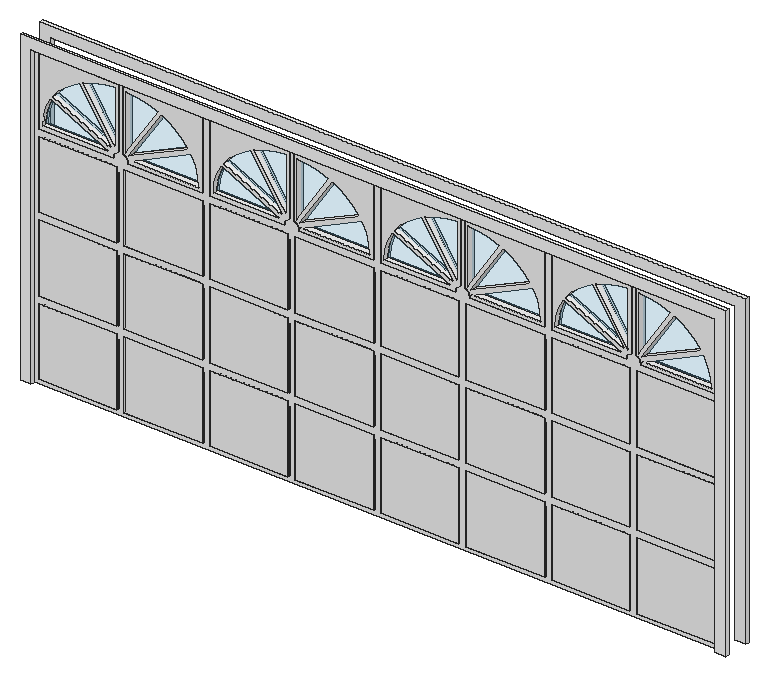
Revit family
Parameters (values of type "Overhead_Panel_Garage_Door_Contemporary_2")
  Frame Projection Ext. = 0' - 1"
  Frame Projection Int. = 0' - 1"
  Frame Width = 0' - 3"
  Height = 7' - 0"
  Wall Closure = (empty or 0)
  Width = 16' - 0"
  Assembly Code = ""
Reference planes (in)
  plane 1 "Center (Front/Back)": y = 0
  plane 2 "Center (Left/Right)": x = 0
  plane 3 "Left": x = -96
  plane 4 "Right": x = 96
  plane 5 "Top": z = 84
  plane 6: x = 48
  plane 7: x = 24
  plane 8: x = 0
  plane 9: x = -24
  plane 10: x = -48
  plane 11: x = -72
  plane 12: z = 63
  plane 13: z = 42
  plane 14: z = 21
  plane 15: z = 84
  plane 16: z = 0
  plane 17: z = 0
  plane 18: x = -96
  plane 19: x = 72
Forms (in)
  Extrusion 1, solid, material "Paint - White"
    sketch origin (-90, 3, 0) x (-1, 0, 0) y (0, 0, 1)
      loop
        line (-186, 84) -> (6, 84) -> (6, 0) -> (9, 0) -> (9, 87) -> (-189, 87) -> (-189, 0) -> (-186, 0) -> (-186, 84)
    from 0 to 1
  Extrusion 2, solid, material "JOSHUA(DEFAULT)"
    sketch origin (-90, -3, 0) x (1, 0, 0) y (0, 0, 1)
      loop
        line (-6, 0) -> (-6, 84) -> (186, 84) -> (186, 0) -> (189, 0) -> (189, 87) -> (-9, 87) -> (-9, 0) -> (-6, 0)
    from 0 to 1
  Extrusion 3, solid, material "Paint - White"
    sketch origin (0, 0, 0) x (1, 0, 0) y (0, 0, 1)
      loop
        line (96, 84) -> (-96, 84) -> (-96, 0) -> (96, 0) -> (96, 84)
      loop
        line (95, 64) -> (95, 83) -> (72.5, 83) -> (72.5, 65.93649)
        arc (72.5, 65.93649) -> (73.58114, 65.22474) -> (74, 64) r 2
        line (74, 64) -> (95, 64)
      loop
        line (49, 64) -> (70, 64)
        arc (70, 64) -> (70.41886, 65.22474) -> (71.5, 65.93649) r 2
        line (71.5, 65.93649) -> (71.5, 83) -> (49, 83) -> (49, 64)
      loop
        line (95, 62) -> (73, 62) -> (73, 43) -> (95, 43) -> (95, 62)
      loop
        line (95, 20) -> (73, 20) -> (73, 1) -> (95, 1) -> (95, 20)
      loop
        line (95, 41) -> (73, 41) -> (73, 22) -> (95, 22) -> (95, 41)
      loop
        line (71, 41) -> (49, 41) -> (49, 22) -> (71, 22) -> (71, 41)
      loop
        line (71, 20) -> (49, 20) -> (49, 1) -> (71, 1) -> (71, 20)
      loop
        line (71, 62) -> (49, 62) -> (49, 43) -> (71, 43) -> (71, 62)
      loop
        line (47, 62) -> (25, 62) -> (25, 43) -> (47, 43) -> (47, 62)
      loop
        line (47, 41) -> (25, 41) -> (25, 22) -> (47, 22) -> (47, 41)
      loop
        line (47, 20) -> (25, 20) -> (25, 1) -> (47, 1) -> (47, 20)
      loop
        line (23, 62) -> (1, 62) -> (1, 43) -> (23, 43) -> (23, 62)
      loop
        line (23, 41) -> (1, 41) -> (1, 22) -> (23, 22) -> (23, 41)
      loop
        line (23, 20) -> (1, 20) -> (1, 1) -> (23, 1) -> (23, 20)
      loop
        line (-1, 62) -> (-23, 62) -> (-23, 43) -> (-1, 43) -> (-1, 62)
      loop
        line (-25, 41) -> (-47, 41) -> (-47, 22) -> (-25, 22) -> (-25, 41)
      loop
        line (-49, 20) -> (-71, 20) -> (-71, 1) -> (-49, 1) -> (-49, 20)
      loop
        line (-49, 62) -> (-71, 62) -> (-71, 43) -> (-49, 43) -> (-49, 62)
      loop
        line (-73, 62) -> (-95, 62) -> (-95, 43) -> (-73, 43) -> (-73, 62)
      loop
        line (-73, 41) -> (-95, 41) -> (-95, 22) -> (-73, 22) -> (-73, 41)
      loop
        line (-73, 20) -> (-95, 20) -> (-95, 1) -> (-73, 1) -> (-73, 20)
      loop
        line (-49, 41) -> (-71, 41) -> (-71, 22) -> (-49, 22) -> (-49, 41)
      loop
        line (-25, 62) -> (-47, 62) -> (-47, 43) -> (-25, 43) -> (-25, 62)
      loop
        line (-1, 41) -> (-23, 41) -> (-23, 22) -> (-1, 22) -> (-1, 41)
      loop
        line (-25, 20) -> (-47, 20) -> (-47, 1) -> (-25, 1) -> (-25, 20)
      loop
        line (-23, 20) -> (-23, 1) -> (-1, 1) -> (-1, 20) -> (-23, 20)
      loop
        line (47, 64) -> (47, 83) -> (24.5, 83) -> (24.5, 65.93649)
        arc (24.5, 65.93649) -> (25.58114, 65.22474) -> (26, 64) r 2
        line (26, 64) -> (47, 64)
      loop
        line (1, 64) -> (22, 64)
        arc (22, 64) -> (22.41886, 65.22474) -> (23.5, 65.93649) r 2
        line (23.5, 65.93649) -> (23.5, 83) -> (1, 83) -> (1, 64)
      loop
        line (-1, 64) -> (-1, 83) -> (-23.5, 83) -> (-23.5, 65.93649)
        arc (-23.5, 65.93649) -> (-22.41886, 65.22474) -> (-22, 64) r 2
        line (-22, 64) -> (-1, 64)
      loop
        line (-47, 64) -> (-26, 64)
        arc (-26, 64) -> (-25.58114, 65.22474) -> (-24.5, 65.93649) r 2
        line (-24.5, 65.93649) -> (-24.5, 83) -> (-47, 83) -> (-47, 64)
      loop
        line (-49, 64) -> (-49, 83) -> (-71.5, 83) -> (-71.5, 65.93649)
        arc (-71.5, 65.93649) -> (-70.41886, 65.22474) -> (-70, 64) r 2
        line (-70, 64) -> (-49, 64)
      loop
        line (-95, 64) -> (-74, 64)
        arc (-74, 64) -> (-73.58114, 65.22474) -> (-72.5, 65.93649) r 2
        line (-72.5, 65.93649) -> (-72.5, 83) -> (-95, 83) -> (-95, 64)
    from 2.5 to 0
  Blend 4, solid, material "Paint - White"
    base sketch origin (0, 0, 0) x (1, 0, 0) y (0, 0, 1)
      loop
        line (95, 62) -> (73, 62) -> (73, 43) -> (95, 43) -> (95, 62)
    top sketch origin (0, 0, 0) x (1, 0, 0) y (0, 0, 1)
      loop
        line (94, 61) -> (74, 61) -> (74, 44) -> (94, 44) -> (94, 61)
    from 2 to 0.5
  Extrusion 5, solid, material "Paint - White"
    sketch origin (0, 0, 0) x (1, 0, 0) y (0, 0, 1)
      loop
        line (95, 62) -> (73, 62) -> (73, 43) -> (95, 43) -> (95, 62)
    from 2 to 2.5
  Blend 6, solid, material "Paint - White"
    base sketch origin (-24, 0, 0) x (1, 0, 0) y (0, 0, 1)
      loop
        line (95, 62) -> (73, 62) -> (73, 43) -> (95, 43) -> (95, 62)
    top sketch origin (-24, 0, 0) x (1, 0, 0) y (0, 0, 1)
      loop
        line (94, 61) -> (74, 61) -> (74, 44) -> (94, 44) -> (94, 61)
    from 2 to 0.5
  Extrusion 7, solid, material "Paint - White"
    sketch origin (-24, 0, 0) x (1, 0, 0) y (0, 0, 1)
      loop
        line (95, 62) -> (73, 62) -> (73, 43) -> (95, 43) -> (95, 62)
    from 2 to 2.5
  Blend 8, solid, material "Paint - White"
    base sketch origin (-48, 0, 0) x (1, 0, 0) y (0, 0, 1)
      loop
        line (95, 62) -> (73, 62) -> (73, 43) -> (95, 43) -> (95, 62)
    top sketch origin (-48, 0, 0) x (1, 0, 0) y (0, 0, 1)
      loop
        line (94, 61) -> (74, 61) -> (74, 44) -> (94, 44) -> (94, 61)
    from 2 to 0.5
  Extrusion 9, solid, material "Paint - White"
    sketch origin (-48, 0, 0) x (1, 0, 0) y (0, 0, 1)
      loop
        line (95, 62) -> (73, 62) -> (73, 43) -> (95, 43) -> (95, 62)
    from 2 to 2.5
  Blend 10, solid, material "Paint - White"
    base sketch origin (-72, 0, 0) x (1, 0, 0) y (0, 0, 1)
      loop
        line (95, 62) -> (73, 62) -> (73, 43) -> (95, 43) -> (95, 62)
    top sketch origin (-72, 0, 0) x (1, 0, 0) y (0, 0, 1)
      loop
        line (94, 61) -> (74, 61) -> (74, 44) -> (94, 44) -> (94, 61)
    from 2 to 0.5
  Extrusion 11, solid, material "Paint - White"
    sketch origin (-72, 0, 0) x (1, 0, 0) y (0, 0, 1)
      loop
        line (95, 62) -> (73, 62) -> (73, 43) -> (95, 43) -> (95, 62)
    from 2 to 2.5
  Blend 12, solid, material "Paint - White"
    base sketch origin (-96, 0, 0) x (1, 0, 0) y (0, 0, 1)
      loop
        line (95, 62) -> (73, 62) -> (73, 43) -> (95, 43) -> (95, 62)
    top sketch origin (-96, 0, 0) x (1, 0, 0) y (0, 0, 1)
      loop
        line (94, 61) -> (74, 61) -> (74, 44) -> (94, 44) -> (94, 61)
    from 2 to 0.5
  Extrusion 13, solid, material "Paint - White"
    sketch origin (-96, 0, 0) x (1, 0, 0) y (0, 0, 1)
      loop
        line (95, 62) -> (73, 62) -> (73, 43) -> (95, 43) -> (95, 62)
    from 2 to 2.5
  Blend 14, solid, material "Paint - White"
    base sketch origin (-120, 0, 0) x (1, 0, 0) y (0, 0, 1)
      loop
        line (95, 62) -> (73, 62) -> (73, 43) -> (95, 43) -> (95, 62)
    top sketch origin (-120, 0, 0) x (1, 0, 0) y (0, 0, 1)
      loop
        line (94, 61) -> (74, 61) -> (74, 44) -> (94, 44) -> (94, 61)
    from 2 to 0.5
  Extrusion 15, solid, material "Paint - White"
    sketch origin (-120, 0, 0) x (1, 0, 0) y (0, 0, 1)
      loop
        line (95, 62) -> (73, 62) -> (73, 43) -> (95, 43) -> (95, 62)
    from 2 to 2.5
  Blend 16, solid, material "Paint - White"
    base sketch origin (-144, 0, 0) x (1, 0, 0) y (0, 0, 1)
      loop
        line (95, 62) -> (73, 62) -> (73, 43) -> (95, 43) -> (95, 62)
    top sketch origin (-144, 0, 0) x (1, 0, 0) y (0, 0, 1)
      loop
        line (94, 61) -> (74, 61) -> (74, 44) -> (94, 44) -> (94, 61)
    from 2 to 0.5
  Extrusion 17, solid, material "Paint - White"
    sketch origin (-144, 0, 0) x (1, 0, 0) y (0, 0, 1)
      loop
        line (95, 62) -> (73, 62) -> (73, 43) -> (95, 43) -> (95, 62)
    from 2 to 2.5
  Blend 18, solid, material "Paint - White"
    base sketch origin (0, 0, -21) x (1, 0, 0) y (0, 0, 1)
      loop
        line (95, 62) -> (73, 62) -> (73, 43) -> (95, 43) -> (95, 62)
    top sketch origin (0, 0, -21) x (1, 0, 0) y (0, 0, 1)
      loop
        line (94, 61) -> (74, 61) -> (74, 44) -> (94, 44) -> (94, 61)
    from 2 to 0.5
  Extrusion 19, solid, material "Paint - White"
    sketch origin (0, 0, -21) x (1, 0, 0) y (0, 0, 1)
      loop
        line (95, 62) -> (73, 62) -> (73, 43) -> (95, 43) -> (95, 62)
    from 2 to 2.5
  Blend 20, solid, material "Paint - White"
    base sketch origin (0, 0, -42) x (1, 0, 0) y (0, 0, 1)
      loop
        line (95, 62) -> (73, 62) -> (73, 43) -> (95, 43) -> (95, 62)
    top sketch origin (0, 0, -42) x (1, 0, 0) y (0, 0, 1)
      loop
        line (94, 61) -> (74, 61) -> (74, 44) -> (94, 44) -> (94, 61)
    from 2 to 0.5
  Extrusion 21, solid, material "Paint - White"
    sketch origin (0, 0, -42) x (1, 0, 0) y (0, 0, 1)
      loop
        line (95, 62) -> (73, 62) -> (73, 43) -> (95, 43) -> (95, 62)
    from 2 to 2.5
  Blend 22, solid, material "Paint - White"
    base sketch origin (-24, 0, -21) x (1, 0, 0) y (0, 0, 1)
      loop
        line (95, 62) -> (73, 62) -> (73, 43) -> (95, 43) -> (95, 62)
    top sketch origin (-24, 0, -21) x (1, 0, 0) y (0, 0, 1)
      loop
        line (94, 61) -> (74, 61) -> (74, 44) -> (94, 44) -> (94, 61)
    from 2 to 0.5
  Extrusion 23, solid, material "Paint - White"
    sketch origin (-24, 0, -21) x (1, 0, 0) y (0, 0, 1)
      loop
        line (95, 62) -> (73, 62) -> (73, 43) -> (95, 43) -> (95, 62)
    from 2 to 2.5
  Blend 24, solid, material "Paint - White"
    base sketch origin (-24, 0, -42) x (1, 0, 0) y (0, 0, 1)
      loop
        line (95, 62) -> (73, 62) -> (73, 43) -> (95, 43) -> (95, 62)
    top sketch origin (-24, 0, -42) x (1, 0, 0) y (0, 0, 1)
      loop
        line (94, 61) -> (74, 61) -> (74, 44) -> (94, 44) -> (94, 61)
    from 2 to 0.5
  Extrusion 25, solid, material "Paint - White"
    sketch origin (-24, 0, -42) x (1, 0, 0) y (0, 0, 1)
      loop
        line (95, 62) -> (73, 62) -> (73, 43) -> (95, 43) -> (95, 62)
    from 2 to 2.5
  Blend 26, solid, material "Paint - White"
    base sketch origin (-48, 0, -21) x (1, 0, 0) y (0, 0, 1)
      loop
        line (95, 62) -> (73, 62) -> (73, 43) -> (95, 43) -> (95, 62)
    top sketch origin (-48, 0, -21) x (1, 0, 0) y (0, 0, 1)
      loop
        line (94, 61) -> (74, 61) -> (74, 44) -> (94, 44) -> (94, 61)
    from 2 to 0.5
  Extrusion 27, solid, material "Paint - White"
    sketch origin (-48, 0, -21) x (1, 0, 0) y (0, 0, 1)
      loop
        line (95, 62) -> (73, 62) -> (73, 43) -> (95, 43) -> (95, 62)
    from 2 to 2.5
  Blend 28, solid, material "Paint - White"
    base sketch origin (-48, 0, -42) x (1, 0, 0) y (0, 0, 1)
      loop
        line (95, 62) -> (73, 62) -> (73, 43) -> (95, 43) -> (95, 62)
    top sketch origin (-48, 0, -42) x (1, 0, 0) y (0, 0, 1)
      loop
        line (94, 61) -> (74, 61) -> (74, 44) -> (94, 44) -> (94, 61)
    from 2 to 0.5
  Extrusion 29, solid, material "Paint - White"
    sketch origin (-48, 0, -42) x (1, 0, 0) y (0, 0, 1)
      loop
        line (95, 62) -> (73, 62) -> (73, 43) -> (95, 43) -> (95, 62)
    from 2 to 2.5
  Blend 30, solid, material "Paint - White"
    base sketch origin (-72, 0, -21) x (1, 0, 0) y (0, 0, 1)
      loop
        line (95, 62) -> (73, 62) -> (73, 43) -> (95, 43) -> (95, 62)
    top sketch origin (-72, 0, -21) x (1, 0, 0) y (0, 0, 1)
      loop
        line (94, 61) -> (74, 61) -> (74, 44) -> (94, 44) -> (94, 61)
    from 2 to 0.5
  Extrusion 31, solid, material "Paint - White"
    sketch origin (-72, 0, -21) x (1, 0, 0) y (0, 0, 1)
      loop
        line (95, 62) -> (73, 62) -> (73, 43) -> (95, 43) -> (95, 62)
    from 2 to 2.5
  Blend 32, solid, material "Paint - White"
    base sketch origin (-72, 0, -42) x (1, 0, 0) y (0, 0, 1)
      loop
        line (95, 62) -> (73, 62) -> (73, 43) -> (95, 43) -> (95, 62)
    top sketch origin (-72, 0, -42) x (1, 0, 0) y (0, 0, 1)
      loop
        line (94, 61) -> (74, 61) -> (74, 44) -> (94, 44) -> (94, 61)
    from 2 to 0.5
  Extrusion 33, solid, material "Paint - White"
    sketch origin (-72, 0, -42) x (1, 0, 0) y (0, 0, 1)
      loop
        line (95, 62) -> (73, 62) -> (73, 43) -> (95, 43) -> (95, 62)
    from 2 to 2.5
  Blend 34, solid, material "Paint - White"
    base sketch origin (-96, 0, -21) x (1, 0, 0) y (0, 0, 1)
      loop
        line (95, 62) -> (73, 62) -> (73, 43) -> (95, 43) -> (95, 62)
    top sketch origin (-96, 0, -21) x (1, 0, 0) y (0, 0, 1)
      loop
        line (94, 61) -> (74, 61) -> (74, 44) -> (94, 44) -> (94, 61)
    from 2 to 0.5
  Extrusion 35, solid, material "Paint - White"
    sketch origin (-96, 0, -21) x (1, 0, 0) y (0, 0, 1)
      loop
        line (95, 62) -> (73, 62) -> (73, 43) -> (95, 43) -> (95, 62)
    from 2 to 2.5
  Blend 36, solid, material "Paint - White"
    base sketch origin (-96, 0, -42) x (1, 0, 0) y (0, 0, 1)
      loop
        line (95, 62) -> (73, 62) -> (73, 43) -> (95, 43) -> (95, 62)
    top sketch origin (-96, 0, -42) x (1, 0, 0) y (0, 0, 1)
      loop
        line (94, 61) -> (74, 61) -> (74, 44) -> (94, 44) -> (94, 61)
    from 2 to 0.5
  Extrusion 37, solid, material "Paint - White"
    sketch origin (-96, 0, -42) x (1, 0, 0) y (0, 0, 1)
      loop
        line (95, 62) -> (73, 62) -> (73, 43) -> (95, 43) -> (95, 62)
    from 2 to 2.5
  Blend 38, solid, material "Paint - White"
    base sketch origin (-120, 0, -21) x (1, 0, 0) y (0, 0, 1)
      loop
        line (95, 62) -> (73, 62) -> (73, 43) -> (95, 43) -> (95, 62)
    top sketch origin (-120, 0, -21) x (1, 0, 0) y (0, 0, 1)
      loop
        line (94, 61) -> (74, 61) -> (74, 44) -> (94, 44) -> (94, 61)
    from 2 to 0.5
  Extrusion 39, solid, material "Paint - White"
    sketch origin (-120, 0, -21) x (1, 0, 0) y (0, 0, 1)
      loop
        line (95, 62) -> (73, 62) -> (73, 43) -> (95, 43) -> (95, 62)
    from 2 to 2.5
  Blend 40, solid, material "Paint - White"
    base sketch origin (-120, 0, -42) x (1, 0, 0) y (0, 0, 1)
      loop
        line (95, 62) -> (73, 62) -> (73, 43) -> (95, 43) -> (95, 62)
    top sketch origin (-120, 0, -42) x (1, 0, 0) y (0, 0, 1)
      loop
        line (94, 61) -> (74, 61) -> (74, 44) -> (94, 44) -> (94, 61)
    from 2 to 0.5
  Extrusion 41, solid, material "Paint - White"
    sketch origin (-120, 0, -42) x (1, 0, 0) y (0, 0, 1)
      loop
        line (95, 62) -> (73, 62) -> (73, 43) -> (95, 43) -> (95, 62)
    from 2 to 2.5
  Blend 42, solid, material "Paint - White"
    base sketch origin (-144, 0, -21) x (1, 0, 0) y (0, 0, 1)
      loop
        line (95, 62) -> (73, 62) -> (73, 43) -> (95, 43) -> (95, 62)
    top sketch origin (-144, 0, -21) x (1, 0, 0) y (0, 0, 1)
      loop
        line (94, 61) -> (74, 61) -> (74, 44) -> (94, 44) -> (94, 61)
    from 2 to 0.5
  Extrusion 43, solid, material "Paint - White"
    sketch origin (-144, 0, -21) x (1, 0, 0) y (0, 0, 1)
      loop
        line (95, 62) -> (73, 62) -> (73, 43) -> (95, 43) -> (95, 62)
    from 2 to 2.5
  Blend 44, solid, material "Paint - White"
    base sketch origin (-144, 0, -42) x (1, 0, 0) y (0, 0, 1)
      loop
        line (95, 62) -> (73, 62) -> (73, 43) -> (95, 43) -> (95, 62)
    top sketch origin (-144, 0, -42) x (1, 0, 0) y (0, 0, 1)
      loop
        line (94, 61) -> (74, 61) -> (74, 44) -> (94, 44) -> (94, 61)
    from 2 to 0.5
  Extrusion 45, solid, material "Paint - White"
    sketch origin (-144, 0, -42) x (1, 0, 0) y (0, 0, 1)
      loop
        line (95, 62) -> (73, 62) -> (73, 43) -> (95, 43) -> (95, 62)
    from 2 to 2.5
  Blend 46, solid, material "Paint - White"
    base sketch origin (-168, 0, -21) x (1, 0, 0) y (0, 0, 1)
      loop
        line (95, 62) -> (73, 62) -> (73, 43) -> (95, 43) -> (95, 62)
    top sketch origin (-168, 0, -21) x (1, 0, 0) y (0, 0, 1)
      loop
        line (94, 61) -> (74, 61) -> (74, 44) -> (94, 44) -> (94, 61)
    from 2 to 0.5
  Extrusion 47, solid, material "Paint - White"
    sketch origin (-168, 0, -21) x (1, 0, 0) y (0, 0, 1)
      loop
        line (95, 62) -> (73, 62) -> (73, 43) -> (95, 43) -> (95, 62)
    from 2 to 2.5
  Blend 48, solid, material "Paint - White"
    base sketch origin (-168, 0, -42) x (1, 0, 0) y (0, 0, 1)
      loop
        line (95, 62) -> (73, 62) -> (73, 43) -> (95, 43) -> (95, 62)
    top sketch origin (-168, 0, -42) x (1, 0, 0) y (0, 0, 1)
      loop
        line (94, 61) -> (74, 61) -> (74, 44) -> (94, 44) -> (94, 61)
    from 2 to 0.5
  Extrusion 49, solid, material "Paint - White"
    sketch origin (-168, 0, -42) x (1, 0, 0) y (0, 0, 1)
      loop
        line (95, 62) -> (73, 62) -> (73, 43) -> (95, 43) -> (95, 62)
    from 2 to 2.5
  Blend 50, solid, material "Paint - White"
    base sketch origin (-168, 0, 0) x (1, 0, 0) y (0, 0, 1)
      loop
        line (95, 62) -> (73, 62) -> (73, 43) -> (95, 43) -> (95, 62)
    top sketch origin (-168, 0, 0) x (1, 0, 0) y (0, 0, 1)
      loop
        line (94, 61) -> (74, 61) -> (74, 44) -> (94, 44) -> (94, 61)
    from 2 to 0.5
  Extrusion 51, solid, material "Paint - White"
    sketch origin (-168, 0, 0) x (1, 0, 0) y (0, 0, 1)
      loop
        line (95, 62) -> (73, 62) -> (73, 43) -> (95, 43) -> (95, 62)
    from 2 to 2.5
  Extrusion 52, solid, material "Paint - White"
    sketch origin (0, 0, 0) x (1, 0, 0) y (0, 0, 1)
      loop
        line (95, 83) -> (72.5, 83) -> (72.5, 65.93649)
        arc (72.5, 65.93649) -> (73.58114, 65.22474) -> (74, 64) r 2
        line (74, 64) -> (95, 64) -> (95, 83)
      loop
        line (49, 64) -> (70, 64)
        arc (70, 64) -> (70.41886, 65.22474) -> (71.5, 65.93649) r 2
        line (71.5, 65.93649) -> (71.5, 83) -> (49, 83) -> (49, 64)
      loop
        line (73.5, 66.492) -> (82.55452, 79.91588)
        spline (82.55452, 79.91588) -> (81.8527, 80.19985) -> (81.13811, 80.4641) -> (80.41167, 80.70831) -> (79.67432, 80.93214) -> (78.92702, 81.13532) -> (78.17074, 81.31758) -> (77.40646, 81.47867) -> (76.63517, 81.6184) -> (75.85786, 81.73658) -> (75.07556, 81.83306) -> (74.28926, 81.90771) -> (73.5, 81.96044)
        line (73.5, 81.96044) -> (73.5, 66.492)
      loop
        line (74.69426, 65) -> (94, 65)
        spline (94, 65) -> (93.98373, 65.65369) -> (93.93494, 66.30641) -> (93.85371, 66.9572) -> (93.74015, 67.6051) -> (93.59444, 68.24914) -> (93.41679, 68.88837) -> (93.20746, 69.52186) -> (92.96676, 70.14865) -> (92.69505, 70.76783) -> (92.39272, 71.37848) -> (92.06024, 71.9797) -> (91.69808, 72.57059)
        line (91.69808, 72.57059) -> (74.69426, 65)
      loop
        spline (87.21975, 77.2754) -> (86.93278, 77.48408) -> (86.64101, 77.68875) -> (86.34455, 77.88936) -> (86.04349, 78.08582) -> (85.73791, 78.27809) -> (85.42794, 78.4661) -> (85.11365, 78.64979) -> (84.79516, 78.8291) -> (84.47256, 79.00397) -> (84.14596, 79.17435) -> (83.81546, 79.34018) -> (83.48117, 79.50141)
        line (83.48117, 79.50141) -> (74.32828, 65.93169) -> (91.12069, 73.40815)
        spline (91.12069, 73.40815) -> (90.8527, 73.76204) -> (90.57375, 74.11084) -> (90.28399, 74.45433) -> (89.9836, 74.79232) -> (89.67274, 75.12462) -> (89.3516, 75.45103) -> (89.02037, 75.77135) -> (88.67924, 76.08542) -> (88.32841, 76.39303) -> (87.96807, 76.69401) -> (87.59845, 76.9882) -> (87.21975, 77.2754)
      loop
        line (70.5, 66.492) -> (70.5, 81.96044)
        spline (70.5, 81.96044) -> (69.71074, 81.90771) -> (68.92444, 81.83306) -> (68.14214, 81.73658) -> (67.36483, 81.6184) -> (66.59354, 81.47867) -> (65.82926, 81.31758) -> (65.07298, 81.13532) -> (64.32568, 80.93214) -> (63.58833, 80.70831) -> (62.86189, 80.4641) -> (62.1473, 80.19985) -> (61.44548, 79.91588)
        line (61.44548, 79.91588) -> (70.5, 66.492)
      loop
        line (69.30574, 65) -> (52.30192, 72.57059)
        spline (52.30192, 72.57059) -> (51.93976, 71.9797) -> (51.60728, 71.37848) -> (51.30495, 70.76783) -> (51.03324, 70.14865) -> (50.79254, 69.52186) -> (50.58321, 68.88837) -> (50.40556, 68.24914) -> (50.25985, 67.6051) -> (50.14629, 66.9572) -> (50.06506, 66.30641) -> (50.01627, 65.65369) -> (50, 65)
        line (50, 65) -> (69.30574, 65)
      loop
        line (47, 83) -> (24.5, 83) -> (24.5, 65.93649)
        arc (24.5, 65.93649) -> (25.58114, 65.22474) -> (26, 64) r 2
        line (26, 64) -> (47, 64) -> (47, 83)
      loop
        line (1, 64) -> (22, 64)
        arc (22, 64) -> (22.41886, 65.22474) -> (23.5, 65.93649) r 2
        line (23.5, 65.93649) -> (23.5, 83) -> (1, 83) -> (1, 64)
      loop
        line (25.5, 66.492) -> (34.55452, 79.91588)
        spline (34.55452, 79.91588) -> (33.8527, 80.19985) -> (33.13811, 80.4641) -> (32.41167, 80.70831) -> (31.67432, 80.93214) -> (30.92702, 81.13532) -> (30.17074, 81.31758) -> (29.40646, 81.47867) -> (28.63517, 81.6184) -> (27.85786, 81.73658) -> (27.07556, 81.83306) -> (26.28926, 81.90771) -> (25.5, 81.96044)
        line (25.5, 81.96044) -> (25.5, 66.492)
      loop
        line (26.69426, 65) -> (46, 65)
        spline (46, 65) -> (45.98373, 65.65369) -> (45.93494, 66.30641) -> (45.85371, 66.9572) -> (45.74015, 67.6051) -> (45.59444, 68.24914) -> (45.41679, 68.88837) -> (45.20746, 69.52186) -> (44.96676, 70.14865) -> (44.69505, 70.76783) -> (44.39272, 71.37848) -> (44.06024, 71.9797) -> (43.69808, 72.57059)
        line (43.69808, 72.57059) -> (26.69426, 65)
      loop
        line (22.5, 66.492) -> (22.5, 81.96044)
        spline (22.5, 81.96044) -> (21.71074, 81.90771) -> (20.92444, 81.83306) -> (20.14214, 81.73658) -> (19.36483, 81.6184) -> (18.59354, 81.47867) -> (17.82926, 81.31758) -> (17.07298, 81.13532) -> (16.32568, 80.93214) -> (15.58833, 80.70831) -> (14.86189, 80.4641) -> (14.1473, 80.19985) -> (13.44548, 79.91588)
        line (13.44548, 79.91588) -> (22.5, 66.492)
      loop
        line (21.30574, 65) -> (4.30192, 72.57059)
        spline (4.30192, 72.57059) -> (3.93976, 71.9797) -> (3.60728, 71.37848) -> (3.30495, 70.76783) -> (3.03324, 70.14865) -> (2.79254, 69.52186) -> (2.58321, 68.88837) -> (2.40556, 68.24914) -> (2.25985, 67.6051) -> (2.14629, 66.9572) -> (2.06506, 66.30641) -> (2.01627, 65.65369) -> (2, 65)
        line (2, 65) -> (21.30574, 65)
      loop
        line (-1, 83) -> (-23.5, 83) -> (-23.5, 65.93649)
        arc (-23.5, 65.93649) -> (-22.41886, 65.22474) -> (-22, 64) r 2
        line (-22, 64) -> (-1, 64) -> (-1, 83)
      loop
        line (-47, 64) -> (-26, 64)
        arc (-26, 64) -> (-25.58114, 65.22474) -> (-24.5, 65.93649) r 2
        line (-24.5, 65.93649) -> (-24.5, 83) -> (-47, 83) -> (-47, 64)
      loop
        line (-22.5, 66.492) -> (-13.44548, 79.91588)
        spline (-13.44548, 79.91588) -> (-14.1473, 80.19985) -> (-14.86189, 80.4641) -> (-15.58833, 80.70831) -> (-16.32568, 80.93214) -> (-17.07298, 81.13532) -> (-17.82926, 81.31758) -> (-18.59354, 81.47867) -> (-19.36483, 81.6184) -> (-20.14214, 81.73658) -> (-20.92444, 81.83306) -> (-21.71074, 81.90771) -> (-22.5, 81.96044)
        line (-22.5, 81.96044) -> (-22.5, 66.492)
      loop
        line (-21.30574, 65) -> (-2, 65)
        spline (-2, 65) -> (-2.01627, 65.65369) -> (-2.06506, 66.30641) -> (-2.14629, 66.9572) -> (-2.25985, 67.6051) -> (-2.40556, 68.24914) -> (-2.58321, 68.88837) -> (-2.79254, 69.52186) -> (-3.03324, 70.14865) -> (-3.30495, 70.76783) -> (-3.60728, 71.37848) -> (-3.93976, 71.9797) -> (-4.30192, 72.57059)
        line (-4.30192, 72.57059) -> (-21.30574, 65)
      loop
        line (-25.5, 66.492) -> (-25.5, 81.96044)
        spline (-25.5, 81.96044) -> (-26.28926, 81.90771) -> (-27.07556, 81.83306) -> (-27.85786, 81.73658) -> (-28.63517, 81.6184) -> (-29.40646, 81.47867) -> (-30.17074, 81.31758) -> (-30.92702, 81.13532) -> (-31.67432, 80.93214) -> (-32.41167, 80.70831) -> (-33.13811, 80.4641) -> (-33.8527, 80.19985) -> (-34.55452, 79.91588)
        line (-34.55452, 79.91588) -> (-25.5, 66.492)
      loop
        line (-26.69426, 65) -> (-43.69808, 72.57059)
        spline (-43.69808, 72.57059) -> (-44.06024, 71.9797) -> (-44.39272, 71.37848) -> (-44.69505, 70.76783) -> (-44.96676, 70.14865) -> (-45.20746, 69.52186) -> (-45.41679, 68.88837) -> (-45.59444, 68.24914) -> (-45.74015, 67.6051) -> (-45.85371, 66.9572) -> (-45.93494, 66.30641) -> (-45.98373, 65.65369) -> (-46, 65)
        line (-46, 65) -> (-26.69426, 65)
      loop
        line (-49, 83) -> (-71.5, 83) -> (-71.5, 65.93649)
        arc (-71.5, 65.93649) -> (-70.41886, 65.22474) -> (-70, 64) r 2
        line (-70, 64) -> (-49, 64) -> (-49, 83)
      loop
        line (-95, 64) -> (-74, 64)
        arc (-74, 64) -> (-73.58114, 65.22474) -> (-72.5, 65.93649) r 2
        line (-72.5, 65.93649) -> (-72.5, 83) -> (-95, 83) -> (-95, 64)
      loop
        line (-70.5, 66.492) -> (-61.44548, 79.91588)
        spline (-61.44548, 79.91588) -> (-62.1473, 80.19985) -> (-62.86189, 80.4641) -> (-63.58833, 80.70831) -> (-64.32568, 80.93214) -> (-65.07298, 81.13532) -> (-65.82926, 81.31758) -> (-66.59354, 81.47867) -> (-67.36483, 81.6184) -> (-68.14214, 81.73658) -> (-68.92444, 81.83306) -> (-69.71074, 81.90771) -> (-70.5, 81.96044)
        line (-70.5, 81.96044) -> (-70.5, 66.492)
      loop
        line (-69.30574, 65) -> (-50, 65)
        spline (-50, 65) -> (-50.01627, 65.65369) -> (-50.06506, 66.30641) -> (-50.14629, 66.9572) -> (-50.25985, 67.6051) -> (-50.40556, 68.24914) -> (-50.58321, 68.88837) -> (-50.79254, 69.52186) -> (-51.03324, 70.14865) -> (-51.30495, 70.76783) -> (-51.60728, 71.37848) -> (-51.93976, 71.9797) -> (-52.30192, 72.57059)
        line (-52.30192, 72.57059) -> (-69.30574, 65)
      loop
        line (-73.5, 66.492) -> (-73.5, 81.96044)
        spline (-73.5, 81.96044) -> (-74.28926, 81.90771) -> (-75.07556, 81.83306) -> (-75.85786, 81.73658) -> (-76.63517, 81.6184) -> (-77.40646, 81.47867) -> (-78.17074, 81.31758) -> (-78.92702, 81.13532) -> (-79.67432, 80.93214) -> (-80.41167, 80.70831) -> (-81.13811, 80.4641) -> (-81.8527, 80.19985) -> (-82.55452, 79.91588)
        line (-82.55452, 79.91588) -> (-73.5, 66.492)
      loop
        line (-74.69426, 65) -> (-91.69808, 72.57059)
        spline (-91.69808, 72.57059) -> (-92.06024, 71.9797) -> (-92.39272, 71.37848) -> (-92.69505, 70.76783) -> (-92.96676, 70.14865) -> (-93.20746, 69.52186) -> (-93.41679, 68.88837) -> (-93.59444, 68.24914) -> (-93.74015, 67.6051) -> (-93.85371, 66.9572) -> (-93.93494, 66.30641) -> (-93.98373, 65.65369) -> (-94, 65)
        line (-94, 65) -> (-74.69426, 65)
      loop
        spline (56.78025, 77.2754) -> (56.40155, 76.9882) -> (56.03193, 76.69401) -> (55.67159, 76.39303) -> (55.32076, 76.08542) -> (54.97963, 75.77135) -> (54.6484, 75.45103) -> (54.32726, 75.12462) -> (54.0164, 74.79232) -> (53.71601, 74.45433) -> (53.42625, 74.11084) -> (53.1473, 73.76204) -> (52.87931, 73.40815)
        line (52.87931, 73.40815) -> (69.67172, 65.93169) -> (60.51883, 79.50141)
        spline (60.51883, 79.50141) -> (60.18454, 79.34018) -> (59.85404, 79.17435) -> (59.52744, 79.00397) -> (59.20484, 78.8291) -> (58.88635, 78.64979) -> (58.57206, 78.4661) -> (58.26209, 78.27809) -> (57.95651, 78.08582) -> (57.65545, 77.88936) -> (57.35899, 77.68875) -> (57.06722, 77.48408) -> (56.78025, 77.2754)
      loop
        spline (39.21975, 77.2754) -> (38.93278, 77.48408) -> (38.64101, 77.68875) -> (38.34455, 77.88936) -> (38.04349, 78.08582) -> (37.73791, 78.27809) -> (37.42794, 78.4661) -> (37.11365, 78.64979) -> (36.79516, 78.8291) -> (36.47256, 79.00397) -> (36.14596, 79.17435) -> (35.81546, 79.34018) -> (35.48117, 79.50141)
        line (35.48117, 79.50141) -> (26.32828, 65.93169) -> (43.12069, 73.40815)
        spline (43.12069, 73.40815) -> (42.8527, 73.76204) -> (42.57375, 74.11084) -> (42.28399, 74.45433) -> (41.9836, 74.79232) -> (41.67274, 75.12462) -> (41.3516, 75.45103) -> (41.02037, 75.77135) -> (40.67924, 76.08542) -> (40.32841, 76.39303) -> (39.96807, 76.69401) -> (39.59845, 76.9882) -> (39.21975, 77.2754)
      loop
        spline (8.78025, 77.2754) -> (8.40155, 76.9882) -> (8.03193, 76.69401) -> (7.67159, 76.39303) -> (7.32076, 76.08542) -> (6.97963, 75.77135) -> (6.6484, 75.45103) -> (6.32726, 75.12462) -> (6.0164, 74.79232) -> (5.71601, 74.45433) -> (5.42625, 74.11084) -> (5.1473, 73.76204) -> (4.87931, 73.40815)
        line (4.87931, 73.40815) -> (21.67172, 65.93169) -> (12.51883, 79.50141)
        spline (12.51883, 79.50141) -> (12.18454, 79.34018) -> (11.85404, 79.17435) -> (11.52744, 79.00397) -> (11.20484, 78.8291) -> (10.88635, 78.64979) -> (10.57206, 78.4661) -> (10.26209, 78.27809) -> (9.95651, 78.08582) -> (9.65545, 77.88936) -> (9.35899, 77.68875) -> (9.06722, 77.48408) -> (8.78025, 77.2754)
      loop
        spline (-56.78025, 77.2754) -> (-57.06722, 77.48408) -> (-57.35899, 77.68875) -> (-57.65545, 77.88936) -> (-57.95651, 78.08582) -> (-58.26209, 78.27809) -> (-58.57206, 78.4661) -> (-58.88635, 78.64979) -> (-59.20484, 78.8291) -> (-59.52744, 79.00397) -> (-59.85404, 79.17435) -> (-60.18454, 79.34018) -> (-60.51883, 79.50141)
        line (-60.51883, 79.50141) -> (-69.67172, 65.93169) -> (-52.87931, 73.40815)
        spline (-52.87931, 73.40815) -> (-53.1473, 73.76204) -> (-53.42625, 74.11084) -> (-53.71601, 74.45433) -> (-54.0164, 74.79232) -> (-54.32726, 75.12462) -> (-54.6484, 75.45103) -> (-54.97963, 75.77135) -> (-55.32076, 76.08542) -> (-55.67159, 76.39303) -> (-56.03193, 76.69401) -> (-56.40155, 76.9882) -> (-56.78025, 77.2754)
      loop
        spline (-87.21975, 77.2754) -> (-87.59845, 76.9882) -> (-87.96807, 76.69401) -> (-88.32841, 76.39303) -> (-88.67924, 76.08542) -> (-89.02037, 75.77135) -> (-89.3516, 75.45103) -> (-89.67274, 75.12462) -> (-89.9836, 74.79232) -> (-90.28399, 74.45433) -> (-90.57375, 74.11084) -> (-90.8527, 73.76204) -> (-91.12069, 73.40815)
        line (-91.12069, 73.40815) -> (-74.32828, 65.93169) -> (-83.48117, 79.50141)
        spline (-83.48117, 79.50141) -> (-83.81546, 79.34018) -> (-84.14596, 79.17435) -> (-84.47256, 79.00397) -> (-84.79516, 78.8291) -> (-85.11365, 78.64979) -> (-85.42794, 78.4661) -> (-85.73791, 78.27809) -> (-86.04349, 78.08582) -> (-86.34455, 77.88936) -> (-86.64101, 77.68875) -> (-86.93278, 77.48408) -> (-87.21975, 77.2754)
      loop
        spline (-8.78025, 77.2754) -> (-9.06722, 77.48408) -> (-9.35899, 77.68875) -> (-9.65545, 77.88936) -> (-9.95651, 78.08582) -> (-10.26209, 78.27809) -> (-10.57206, 78.4661) -> (-10.88635, 78.64979) -> (-11.20484, 78.8291) -> (-11.52744, 79.00397) -> (-11.85404, 79.17435) -> (-12.18454, 79.34018) -> (-12.51883, 79.50141)
        line (-12.51883, 79.50141) -> (-21.67172, 65.93169) -> (-4.87931, 73.40815)
        spline (-4.87931, 73.40815) -> (-5.1473, 73.76204) -> (-5.42625, 74.11084) -> (-5.71601, 74.45433) -> (-6.0164, 74.79232) -> (-6.32726, 75.12462) -> (-6.6484, 75.45103) -> (-6.97963, 75.77135) -> (-7.32076, 76.08542) -> (-7.67159, 76.39303) -> (-8.03193, 76.69401) -> (-8.40155, 76.9882) -> (-8.78025, 77.2754)
      loop
        spline (-39.21975, 77.2754) -> (-39.59845, 76.9882) -> (-39.96807, 76.69401) -> (-40.32841, 76.39303) -> (-40.67924, 76.08542) -> (-41.02037, 75.77135) -> (-41.3516, 75.45103) -> (-41.67274, 75.12462) -> (-41.9836, 74.79232) -> (-42.28399, 74.45433) -> (-42.57375, 74.11084) -> (-42.8527, 73.76204) -> (-43.12069, 73.40815)
        line (-43.12069, 73.40815) -> (-26.32828, 65.93169) -> (-35.48117, 79.50141)
        spline (-35.48117, 79.50141) -> (-35.81546, 79.34018) -> (-36.14596, 79.17435) -> (-36.47256, 79.00397) -> (-36.79516, 78.8291) -> (-37.11365, 78.64979) -> (-37.42794, 78.4661) -> (-37.73791, 78.27809) -> (-38.04349, 78.08582) -> (-38.34455, 77.88936) -> (-38.64101, 77.68875) -> (-38.93278, 77.48408) -> (-39.21975, 77.2754)
    from 0.5 to 2.5
  Extrusion 53, solid, material "Glass"
    sketch origin (0, 0, 0) x (1, 0, 0) y (0, 0, 1)
      loop
        line (74.69426, 65) -> (94, 65)
        spline (94, 65) -> (93.98367, 65.65344) -> (93.93469, 66.30591) -> (93.85314, 66.95644) -> (93.73914, 67.60407) -> (93.59286, 68.24783) -> (93.41452, 68.88676) -> (93.20438, 69.51993) -> (92.96275, 70.14638) -> (92.69, 70.76519) -> (92.38652, 71.37544) -> (92.05277, 71.97623) -> (91.68924, 72.56665)
        line (91.68924, 72.56665) -> (74.69426, 65)
      loop
        line (73.5, 81.92097) -> (73.5, 66.492) -> (82.53629, 79.88885)
        spline (82.53629, 79.88885) -> (81.83567, 80.17105) -> (81.12236, 80.43366) -> (80.39727, 80.67634) -> (79.66134, 80.89879) -> (78.91552, 81.10071) -> (78.16077, 81.28185) -> (77.39807, 81.44196) -> (76.6284, 81.58085) -> (75.85275, 81.69834) -> (75.07213, 81.79426) -> (74.28754, 81.86851) -> (73.5, 81.92097)
      loop
        spline (87.20265, 77.25946) -> (86.9156, 77.46726) -> (86.62376, 77.67107) -> (86.32724, 77.87082) -> (86.02614, 78.06645) -> (85.72053, 78.25789) -> (85.41054, 78.44509) -> (85.09624, 78.62798) -> (84.77775, 78.8065) -> (84.45517, 78.9806) -> (84.1286, 79.15022) -> (83.79814, 79.3153) -> (83.4639, 79.4758)
        line (83.4639, 79.4758) -> (74.32828, 65.93169) -> (91.10981, 73.40331)
        spline (91.10981, 73.40331) -> (90.84129, 73.75626) -> (90.56181, 74.10412) -> (90.27152, 74.44668) -> (89.9706, 74.78374) -> (89.65922, 75.1151) -> (89.33756, 75.44058) -> (89.00581, 75.75998) -> (88.66416, 76.07312) -> (88.31282, 76.37981) -> (87.95197, 76.67988) -> (87.58185, 76.97315) -> (87.20265, 77.25946)
      loop
        line (69.30574, 65) -> (52.31076, 72.56665)
        spline (52.31076, 72.56665) -> (51.94723, 71.97623) -> (51.61348, 71.37544) -> (51.31, 70.76519) -> (51.03725, 70.14638) -> (50.79562, 69.51993) -> (50.58548, 68.88676) -> (50.40714, 68.24783) -> (50.26086, 67.60407) -> (50.14686, 66.95644) -> (50.06531, 66.30591) -> (50.01633, 65.65344) -> (50, 65)
        line (50, 65) -> (69.30574, 65)
      loop
        spline (70.5, 81.92097) -> (69.71246, 81.86851) -> (68.92787, 81.79426) -> (68.14725, 81.69834) -> (67.3716, 81.58085) -> (66.60193, 81.44196) -> (65.83923, 81.28185) -> (65.08448, 81.10071) -> (64.33866, 80.89879) -> (63.60273, 80.67634) -> (62.87764, 80.43366) -> (62.16433, 80.17105) -> (61.46371, 79.88885)
        line (61.46371, 79.88885) -> (70.5, 66.492) -> (70.5, 81.92097)
      loop
        spline (56.79735, 77.25946) -> (56.41815, 76.97315) -> (56.04803, 76.67988) -> (55.68718, 76.37981) -> (55.33584, 76.07312) -> (54.99419, 75.75998) -> (54.66244, 75.44058) -> (54.34078, 75.1151) -> (54.0294, 74.78374) -> (53.72848, 74.44668) -> (53.43819, 74.10412) -> (53.15871, 73.75626) -> (52.89019, 73.40331)
        line (52.89019, 73.40331) -> (69.67172, 65.93169) -> (60.5361, 79.4758)
        spline (60.5361, 79.4758) -> (60.20186, 79.3153) -> (59.8714, 79.15022) -> (59.54483, 78.9806) -> (59.22225, 78.8065) -> (58.90376, 78.62798) -> (58.58946, 78.44509) -> (58.27947, 78.25789) -> (57.97386, 78.06645) -> (57.67276, 77.87082) -> (57.37624, 77.67107) -> (57.0844, 77.46726) -> (56.79735, 77.25946)
    from 1 to 1.25
  Extrusion 54, solid, material "Glass"
    sketch origin (-48, 0, 0) x (1, 0, 0) y (0, 0, 1)
      loop
        line (74.69426, 65) -> (94, 65)
        spline (94, 65) -> (93.98367, 65.65344) -> (93.93469, 66.30591) -> (93.85314, 66.95644) -> (93.73914, 67.60407) -> (93.59286, 68.24783) -> (93.41452, 68.88676) -> (93.20438, 69.51993) -> (92.96275, 70.14638) -> (92.69, 70.76519) -> (92.38652, 71.37544) -> (92.05277, 71.97623) -> (91.68924, 72.56665)
        line (91.68924, 72.56665) -> (74.69426, 65)
      loop
        line (73.5, 81.92097) -> (73.5, 66.492) -> (82.53629, 79.88885)
        spline (82.53629, 79.88885) -> (81.83567, 80.17105) -> (81.12236, 80.43366) -> (80.39727, 80.67634) -> (79.66134, 80.89879) -> (78.91552, 81.10071) -> (78.16077, 81.28185) -> (77.39807, 81.44196) -> (76.6284, 81.58085) -> (75.85275, 81.69834) -> (75.07213, 81.79426) -> (74.28754, 81.86851) -> (73.5, 81.92097)
      loop
        spline (87.20265, 77.25946) -> (86.9156, 77.46726) -> (86.62376, 77.67107) -> (86.32724, 77.87082) -> (86.02614, 78.06645) -> (85.72053, 78.25789) -> (85.41054, 78.44509) -> (85.09624, 78.62798) -> (84.77775, 78.8065) -> (84.45517, 78.9806) -> (84.1286, 79.15022) -> (83.79814, 79.3153) -> (83.4639, 79.4758)
        line (83.4639, 79.4758) -> (74.32828, 65.93169) -> (91.10981, 73.40331)
        spline (91.10981, 73.40331) -> (90.84129, 73.75626) -> (90.56181, 74.10412) -> (90.27152, 74.44668) -> (89.9706, 74.78374) -> (89.65922, 75.1151) -> (89.33756, 75.44058) -> (89.00581, 75.75998) -> (88.66416, 76.07312) -> (88.31282, 76.37981) -> (87.95197, 76.67988) -> (87.58185, 76.97315) -> (87.20265, 77.25946)
      loop
        line (69.30574, 65) -> (52.31076, 72.56665)
        spline (52.31076, 72.56665) -> (51.94723, 71.97623) -> (51.61348, 71.37544) -> (51.31, 70.76519) -> (51.03725, 70.14638) -> (50.79562, 69.51993) -> (50.58548, 68.88676) -> (50.40714, 68.24783) -> (50.26086, 67.60407) -> (50.14686, 66.95644) -> (50.06531, 66.30591) -> (50.01633, 65.65344) -> (50, 65)
        line (50, 65) -> (69.30574, 65)
      loop
        spline (70.5, 81.92097) -> (69.71246, 81.86851) -> (68.92787, 81.79426) -> (68.14725, 81.69834) -> (67.3716, 81.58085) -> (66.60193, 81.44196) -> (65.83923, 81.28185) -> (65.08448, 81.10071) -> (64.33866, 80.89879) -> (63.60273, 80.67634) -> (62.87764, 80.43366) -> (62.16433, 80.17105) -> (61.46371, 79.88885)
        line (61.46371, 79.88885) -> (70.5, 66.492) -> (70.5, 81.92097)
      loop
        spline (56.79735, 77.25946) -> (56.41815, 76.97315) -> (56.04803, 76.67988) -> (55.68718, 76.37981) -> (55.33584, 76.07312) -> (54.99419, 75.75998) -> (54.66244, 75.44058) -> (54.34078, 75.1151) -> (54.0294, 74.78374) -> (53.72848, 74.44668) -> (53.43819, 74.10412) -> (53.15871, 73.75626) -> (52.89019, 73.40331)
        line (52.89019, 73.40331) -> (69.67172, 65.93169) -> (60.5361, 79.4758)
        spline (60.5361, 79.4758) -> (60.20186, 79.3153) -> (59.8714, 79.15022) -> (59.54483, 78.9806) -> (59.22225, 78.8065) -> (58.90376, 78.62798) -> (58.58946, 78.44509) -> (58.27947, 78.25789) -> (57.97386, 78.06645) -> (57.67276, 77.87082) -> (57.37624, 77.67107) -> (57.0844, 77.46726) -> (56.79735, 77.25946)
    from 1 to 1.25
  Extrusion 55, solid, material "Glass"
    sketch origin (-96, 0, 0) x (1, 0, 0) y (0, 0, 1)
      loop
        line (74.69426, 65) -> (94, 65)
        spline (94, 65) -> (93.98367, 65.65344) -> (93.93469, 66.30591) -> (93.85314, 66.95644) -> (93.73914, 67.60407) -> (93.59286, 68.24783) -> (93.41452, 68.88676) -> (93.20438, 69.51993) -> (92.96275, 70.14638) -> (92.69, 70.76519) -> (92.38652, 71.37544) -> (92.05277, 71.97623) -> (91.68924, 72.56665)
        line (91.68924, 72.56665) -> (74.69426, 65)
      loop
        line (73.5, 81.92097) -> (73.5, 66.492) -> (82.53629, 79.88885)
        spline (82.53629, 79.88885) -> (81.83567, 80.17105) -> (81.12236, 80.43366) -> (80.39727, 80.67634) -> (79.66134, 80.89879) -> (78.91552, 81.10071) -> (78.16077, 81.28185) -> (77.39807, 81.44196) -> (76.6284, 81.58085) -> (75.85275, 81.69834) -> (75.07213, 81.79426) -> (74.28754, 81.86851) -> (73.5, 81.92097)
      loop
        spline (87.20265, 77.25946) -> (86.9156, 77.46726) -> (86.62376, 77.67107) -> (86.32724, 77.87082) -> (86.02614, 78.06645) -> (85.72053, 78.25789) -> (85.41054, 78.44509) -> (85.09624, 78.62798) -> (84.77775, 78.8065) -> (84.45517, 78.9806) -> (84.1286, 79.15022) -> (83.79814, 79.3153) -> (83.4639, 79.4758)
        line (83.4639, 79.4758) -> (74.32828, 65.93169) -> (91.10981, 73.40331)
        spline (91.10981, 73.40331) -> (90.84129, 73.75626) -> (90.56181, 74.10412) -> (90.27152, 74.44668) -> (89.9706, 74.78374) -> (89.65922, 75.1151) -> (89.33756, 75.44058) -> (89.00581, 75.75998) -> (88.66416, 76.07312) -> (88.31282, 76.37981) -> (87.95197, 76.67988) -> (87.58185, 76.97315) -> (87.20265, 77.25946)
      loop
        line (69.30574, 65) -> (52.31076, 72.56665)
        spline (52.31076, 72.56665) -> (51.94723, 71.97623) -> (51.61348, 71.37544) -> (51.31, 70.76519) -> (51.03725, 70.14638) -> (50.79562, 69.51993) -> (50.58548, 68.88676) -> (50.40714, 68.24783) -> (50.26086, 67.60407) -> (50.14686, 66.95644) -> (50.06531, 66.30591) -> (50.01633, 65.65344) -> (50, 65)
        line (50, 65) -> (69.30574, 65)
      loop
        spline (70.5, 81.92097) -> (69.71246, 81.86851) -> (68.92787, 81.79426) -> (68.14725, 81.69834) -> (67.3716, 81.58085) -> (66.60193, 81.44196) -> (65.83923, 81.28185) -> (65.08448, 81.10071) -> (64.33866, 80.89879) -> (63.60273, 80.67634) -> (62.87764, 80.43366) -> (62.16433, 80.17105) -> (61.46371, 79.88885)
        line (61.46371, 79.88885) -> (70.5, 66.492) -> (70.5, 81.92097)
      loop
        spline (56.79735, 77.25946) -> (56.41815, 76.97315) -> (56.04803, 76.67988) -> (55.68718, 76.37981) -> (55.33584, 76.07312) -> (54.99419, 75.75998) -> (54.66244, 75.44058) -> (54.34078, 75.1151) -> (54.0294, 74.78374) -> (53.72848, 74.44668) -> (53.43819, 74.10412) -> (53.15871, 73.75626) -> (52.89019, 73.40331)
        line (52.89019, 73.40331) -> (69.67172, 65.93169) -> (60.5361, 79.4758)
        spline (60.5361, 79.4758) -> (60.20186, 79.3153) -> (59.8714, 79.15022) -> (59.54483, 78.9806) -> (59.22225, 78.8065) -> (58.90376, 78.62798) -> (58.58946, 78.44509) -> (58.27947, 78.25789) -> (57.97386, 78.06645) -> (57.67276, 77.87082) -> (57.37624, 77.67107) -> (57.0844, 77.46726) -> (56.79735, 77.25946)
    from 1 to 1.25
  Extrusion 56, solid, material "Glass"
    sketch origin (-144, 0, 0) x (1, 0, 0) y (0, 0, 1)
      loop
        line (74.69426, 65) -> (94, 65)
        spline (94, 65) -> (93.98367, 65.65344) -> (93.93469, 66.30591) -> (93.85314, 66.95644) -> (93.73914, 67.60407) -> (93.59286, 68.24783) -> (93.41452, 68.88676) -> (93.20438, 69.51993) -> (92.96275, 70.14638) -> (92.69, 70.76519) -> (92.38652, 71.37544) -> (92.05277, 71.97623) -> (91.68924, 72.56665)
        line (91.68924, 72.56665) -> (74.69426, 65)
      loop
        line (73.5, 81.92097) -> (73.5, 66.492) -> (82.53629, 79.88885)
        spline (82.53629, 79.88885) -> (81.83567, 80.17105) -> (81.12236, 80.43366) -> (80.39727, 80.67634) -> (79.66134, 80.89879) -> (78.91552, 81.10071) -> (78.16077, 81.28185) -> (77.39807, 81.44196) -> (76.6284, 81.58085) -> (75.85275, 81.69834) -> (75.07213, 81.79426) -> (74.28754, 81.86851) -> (73.5, 81.92097)
      loop
        spline (87.20265, 77.25946) -> (86.9156, 77.46726) -> (86.62376, 77.67107) -> (86.32724, 77.87082) -> (86.02614, 78.06645) -> (85.72053, 78.25789) -> (85.41054, 78.44509) -> (85.09624, 78.62798) -> (84.77775, 78.8065) -> (84.45517, 78.9806) -> (84.1286, 79.15022) -> (83.79814, 79.3153) -> (83.4639, 79.4758)
        line (83.4639, 79.4758) -> (74.32828, 65.93169) -> (91.10981, 73.40331)
        spline (91.10981, 73.40331) -> (90.84129, 73.75626) -> (90.56181, 74.10412) -> (90.27152, 74.44668) -> (89.9706, 74.78374) -> (89.65922, 75.1151) -> (89.33756, 75.44058) -> (89.00581, 75.75998) -> (88.66416, 76.07312) -> (88.31282, 76.37981) -> (87.95197, 76.67988) -> (87.58185, 76.97315) -> (87.20265, 77.25946)
      loop
        line (69.30574, 65) -> (52.31076, 72.56665)
        spline (52.31076, 72.56665) -> (51.94723, 71.97623) -> (51.61348, 71.37544) -> (51.31, 70.76519) -> (51.03725, 70.14638) -> (50.79562, 69.51993) -> (50.58548, 68.88676) -> (50.40714, 68.24783) -> (50.26086, 67.60407) -> (50.14686, 66.95644) -> (50.06531, 66.30591) -> (50.01633, 65.65344) -> (50, 65)
        line (50, 65) -> (69.30574, 65)
      loop
        spline (70.5, 81.92097) -> (69.71246, 81.86851) -> (68.92787, 81.79426) -> (68.14725, 81.69834) -> (67.3716, 81.58085) -> (66.60193, 81.44196) -> (65.83923, 81.28185) -> (65.08448, 81.10071) -> (64.33866, 80.89879) -> (63.60273, 80.67634) -> (62.87764, 80.43366) -> (62.16433, 80.17105) -> (61.46371, 79.88885)
        line (61.46371, 79.88885) -> (70.5, 66.492) -> (70.5, 81.92097)
      loop
        spline (56.79735, 77.25946) -> (56.41815, 76.97315) -> (56.04803, 76.67988) -> (55.68718, 76.37981) -> (55.33584, 76.07312) -> (54.99419, 75.75998) -> (54.66244, 75.44058) -> (54.34078, 75.1151) -> (54.0294, 74.78374) -> (53.72848, 74.44668) -> (53.43819, 74.10412) -> (53.15871, 73.75626) -> (52.89019, 73.40331)
        line (52.89019, 73.40331) -> (69.67172, 65.93169) -> (60.5361, 79.4758)
        spline (60.5361, 79.4758) -> (60.20186, 79.3153) -> (59.8714, 79.15022) -> (59.54483, 78.9806) -> (59.22225, 78.8065) -> (58.90376, 78.62798) -> (58.58946, 78.44509) -> (58.27947, 78.25789) -> (57.97386, 78.06645) -> (57.67276, 77.87082) -> (57.37624, 77.67107) -> (57.0844, 77.46726) -> (56.79735, 77.25946)
    from 1 to 1.25
Lines and regions (in)
  Opening 1
    outline origin (-90, -3, 0) x (1, 0, 0) y (0, 0, 1)
      loop
        line (-6, 0) -> (186, 0) -> (186, 84) -> (-6, 84) -> (-6, 0)
Text (in)
  text "Exterior" at (-58.67754, 27.31104, 0), in view "Ref. Level"
  text "Interior" at (-58.34764, -25.14366, 0), in view "Ref. Level"
  text "Exterior" at (0, 40.15149, 123.01588), in view "Right"
  text "Interior" at (0, -64.39139, 123.01588), in view "Right"
  text "Interior" at (0, -31.01599, 123.00693), in view "Left"
  text "Exterior" at (0, 54.57065, 123.00693), in view "Left"
